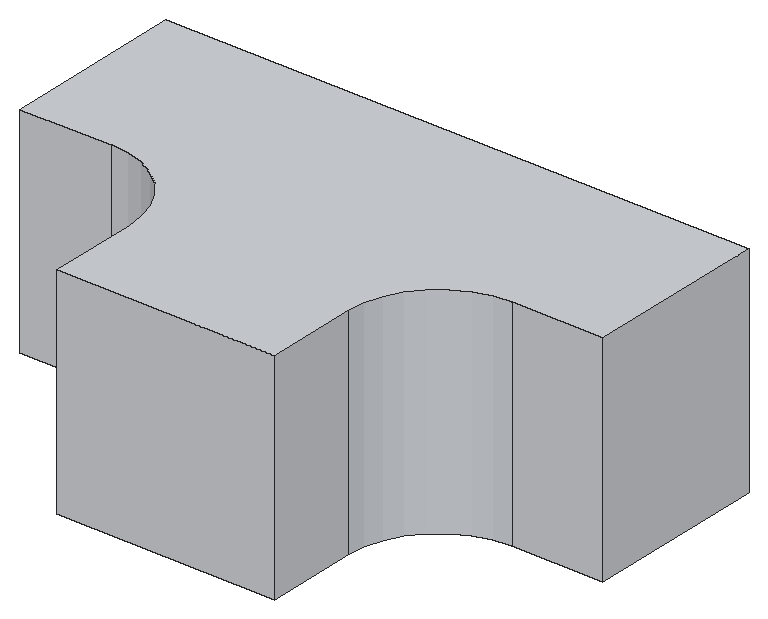
Revit family "0d38a146f8fd4dfe878d0b89fef5cc35", category Duct Fittings, Revit 2021
Family settings
  Round Connector Dimension = Use Diameter
  Part Type = Tee
  OmniClass Number = 23.75.70.14
  OmniClass Title = Air Ductwork
  Seek Item ID = Rectangular Tee - Fillet-0000-USA-ENU
  Work Plane-Based = No
  Always vertical = Yes
  Cut with Voids When Loaded = No
  Shared = No
Parameters (values of type "Standard")
  Duct Width 4 [instance] = if(Duct Width 3 > Duct Width 1, Duct Width 1, Duct Width 3)  # 10"
  Radius 2 [instance] = if(Duct Width 3 > Duct Width 1, Duct Width 1 / 2 + Radius 1, Duct Width 3 / 2 + Radius 1)  # 10"
  Length 1 [instance] = Duct Width 3 / 2 + Radius 1  # 11"
  Length 2 [instance] = Duct Width 1 / 2 + Radius 1  # 10"
  Radius 1 [instance] = Shoulder Length / 2  # 5"
  Duct Width 3 [instance] = 12"
  Duct Width 1 [instance] = 10"
  Shoulder Length [instance] = 10"
  Half Width 1 [instance] = Duct Width 1 / 2  # 5"
  Duct Length 3 [instance] = Duct Width 1 / 2 + Shoulder Length  # 15"
  Half Width 3 [instance] = Duct Width 3 / 2  # 6"
  Duct Length 1 [instance] = Duct Width 3 / 2 + Shoulder Length  # 16"
  Duct Height [instance] = 12"
  Default Elevation = 0' - 0"
  Assembly Code = ""
Reference planes (in)
  plane 1 "Center (Front/Back)": y = 0
  plane 2: z = 0
  plane 3 "Center (Left/Right)": x = 0
  plane 4: x = -16
  plane 5: x = 16
  plane 6: y = -15
  plane 7: y = -10
  plane 8: x = -11
  plane 9: x = 11
Forms (in)
  Sweep 1, solid, detail levels medium+fine
    path in 3D
      loop
        line (-16, 0, 0) -> (0, 0, 0)
    profile "Duct - Rectangular : Duct - Rectangular 1" origin (-8, 0, 0) x (0, 1, 0) y (0, 0, 1)
      loop
        line (-5, 6) -> (-5, -6) -> (5, -6) -> (5, 6) -> (-5, 6)
  Sweep 2, solid, detail levels medium+fine
    path in 3D
      loop
        line (0, 0, 0) -> (16, 0, 0)
    profile "Duct - Rectangular : Duct - Rectangular 1" origin (8, 0, 0) x (0, 1, 0) y (0, 0, 1)
      loop
        line (-5, 6) -> (-5, -6) -> (5, -6) -> (5, 6) -> (-5, 6)
  Sweep 3, solid, detail levels medium+fine
    path in 3D
      loop
        line (0, 0, 0) -> (0, -15, 0)
    profile "Duct - Rectangular : Duct - Rectangular 3" origin (0, -7.5, 0) x (1, 0, 0) y (0, 0, 1)
      loop
        line (-6, 6) -> (-6, -6) -> (6, -6) -> (6, 6) -> (-6, 6)
  Sweep 4, solid, detail levels medium+fine
    path in 3D
      loop
        arc (-11, 0, 0) -> (-3.92893, -2.92893, 0) -> (-1, -10, 0) r 10
    profile "Duct - Rectangular : Duct - Rectangular 4" origin (-3.92893, -2.92893, 0) x (0.707107, 0.707107, 0) y (0, 0, 1)
      loop
        line (-5, 6) -> (-5, -6) -> (5, -6) -> (5, 6) -> (-5, 6)
  Sweep 5, solid, detail levels medium+fine
    path in 3D
      loop
        arc (11, 0, 0) -> (3.92893, -2.92893, 0) -> (1, -10, 0) r 10
    profile "Duct - Rectangular : Duct - Rectangular 4" origin (3.92893, -2.92893, 0) x (0.707107, -0.707107, 0) y (0, 0, 1)
      loop
        line (-5, 6) -> (-5, -6) -> (5, -6) -> (5, 6) -> (-5, 6)
Cuts and joins
  joined: Sweep 1, Sweep 2, Sweep 3, Sweep 4, Sweep 5
Lines and regions (in)
  model lines, style "DuctFitting", detail levels coarse
    curve 1: line (-16, 0, 0) -> (0, 0, 0)
    curve 2: line (0, 0, 0) -> (16, 0, 0)
    curve 3: line (0, 0, 0) -> (0, -15, 0)
  reference lines
    curve 4: arc (-11, 0, 0) -> (-3.92893, -2.92893, 0) -> (-1, -10, 0) r 10
    curve 6: arc (11, 0, 0) -> (3.92893, -2.92893, 0) -> (1, -10, 0) r 10
  sketch lines
    curve 5: arc (-11, 0, 0) -> (-3.92893, -2.92893, 0) -> (-1, -10, 0) r 10
    curve 7: arc (11, 0, 0) -> (3.92893, -2.92893, 0) -> (1, -10, 0) r 10
    curve 8: line (-16, 0, 0) -> (0, 0, 0)
    curve 9: line (0, 0, 0) -> (16, 0, 0)
    curve 10: line (0, 0, 0) -> (0, -15, 0)
Dimensions and locks (in)
  equal spacing: plane 4, plane 3 "Center (Left/Right)", plane 5
  "Duct Length 1": plane 4 to plane 3 "Center (Left/Right)"
  "Duct Length 3": plane 6 to plane 1 "Center (Front/Back)"
  "Length 2": plane 7 to plane 1 "Center (Front/Back)"
  "Length 1": plane 8 to plane 3 "Center (Left/Right)"
  "Length 1": plane 3 "Center (Left/Right)" to plane 9
  "Radius 2": radius of curve 4
  "Radius 2": radius of curve 6
  aligned and locked: plane 7 to curve 4  (x2)
  aligned and locked: plane 8 to curve 4
  aligned and locked: plane 9 to curve 6  (x2)
  aligned and locked: plane 7 to curve 6  (x2)
  aligned and locked: plane 4 to curve 1
  aligned and locked: plane 3 "Center (Left/Right)" to curve 2
  aligned and locked: plane 5 to curve 2
  aligned and locked: plane 1 "Center (Front/Back)" to curve 3
  aligned and locked: plane 6 to curve 3
Connectors (in)
  hvac at (-16, 0, 0), driven by "Duct Height", driven by "Duct Width 1"
    settings: on Sweep 1, index 1, duct flow 0 CFM, flow factor 0, pres drop 0.00 in-wg, loss coef 0, conn angle 0.00°, conn width 10", conn height 12", conn diameter 24", duct sys type 28, conn prof type 1, flow config 0, flow direction 0, loss method 0, conn ref index 2, conn util no, is conn primary yes, conn desc ""
  hvac at (16, 0, 0), driven by "Duct Height", driven by "Duct Width 1"
    settings: on Sweep 2, index 2, duct flow 0 CFM, flow factor 0, pres drop 0.00 in-wg, loss coef 0, conn angle 0.00°, conn width 10", conn height 12", conn diameter 24", duct sys type 28, conn prof type 1, flow config 0, flow direction 0, loss method 0, conn ref index 1, conn util no, is conn primary no, conn desc ""
  hvac at (0, -15, 0), driven by "Duct Height", driven by "Duct Width 3"
    settings: on Sweep 3, index 3, duct flow 0 CFM, flow factor 0, pres drop 0.00 in-wg, loss coef 0, conn angle 0.00°, conn width 12", conn height 12", conn diameter 24", duct sys type 28, conn prof type 1, flow config 0, flow direction 0, loss method 0, conn ref index -1, conn util no, is conn primary no, conn desc ""
